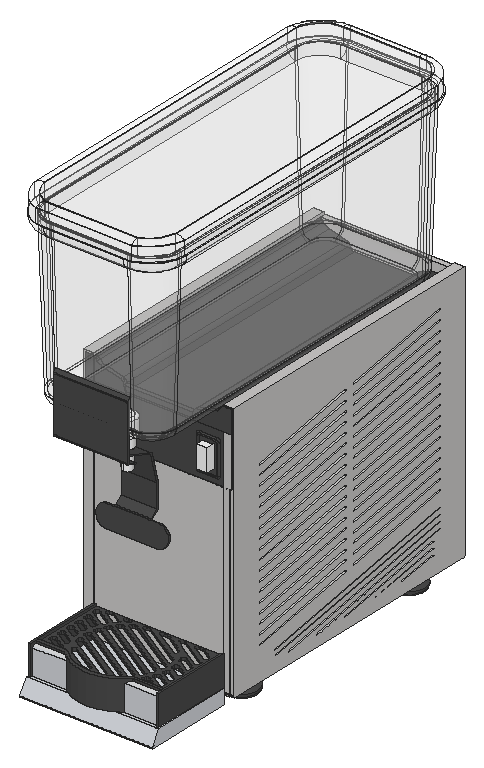
Revit family "QF_Vollrath-VBBD1-37", category Specialty Equipment, Revit 2018 (continued)
Forms (in)
  Extrusion 22, solid, material "QF_Finishes-Stainless"
    sketch origin (0, 0, 0) x (0, 1, 0) y (0, 0, -1)
      loop
        arc (9.22729, -8.98664) -> (9.26526, -8.98701) -> (9.30129, -8.97508) r 0.11572
        line (9.30129, -8.97508) -> (9.32185, -8.85849)
      loop
        line (3.58682, -7.84725) -> (-1.76463, -6.90364) -> (-1.78519, -7.02023)
        arc (-1.78519, -7.02023) -> (-1.75541, -7.04377) -> (-1.71961, -7.05641) r 0.11572
        line (-1.71961, -7.05641) -> (3.49226, -7.9754)
        arc (3.49226, -7.9754) -> (3.53022, -7.97577) -> (3.56626, -7.96384) r 0.11572
        line (3.56626, -7.96384) -> (3.58682, -7.84725)
      loop
        line (9.32185, -9.32192) -> (3.9704, -8.37831) -> (3.94984, -8.4949)
        arc (3.94984, -8.4949) -> (3.97963, -8.51844) -> (4.01542, -8.53107) r 0.11572
        line (4.01542, -8.53107) -> (9.22729, -9.45007)
        arc (9.22729, -9.45007) -> (9.26526, -9.45044) -> (9.30129, -9.4385) r 0.11572
        line (9.30129, -9.4385) -> (9.32185, -9.32192)
      loop
        line (3.58682, -8.31068) -> (-1.76463, -7.36707) -> (-1.78519, -7.48366)
        arc (-1.78519, -7.48366) -> (-1.75541, -7.5072) -> (-1.71961, -7.51983) r 0.11572
        line (-1.71961, -7.51983) -> (3.49226, -8.43883)
        arc (3.49226, -8.43883) -> (3.53022, -8.4392) -> (3.56626, -8.42726) r 0.11572
        line (3.56626, -8.42726) -> (3.58682, -8.31068)
      loop
        line (9.32185, -9.78534) -> (3.9704, -8.84174) -> (3.94984, -8.95832)
        arc (3.94984, -8.95832) -> (3.97963, -8.98186) -> (4.01542, -8.9945) r 0.11572
        line (4.01542, -8.9945) -> (9.22729, -9.91349)
        arc (9.22729, -9.91349) -> (9.26526, -9.91386) -> (9.30129, -9.90193) r 0.11572
        line (9.30129, -9.90193) -> (9.32185, -9.78534)
      loop
        line (3.58682, -8.7741) -> (-1.76463, -7.8305) -> (-1.78519, -7.94708)
        arc (-1.78519, -7.94708) -> (-1.75541, -7.97062) -> (-1.71961, -7.98326) r 0.11572
        line (-1.71961, -7.98326) -> (3.49226, -8.90225)
        arc (3.49226, -8.90225) -> (3.53022, -8.90262) -> (3.56626, -8.89069) r 0.11572
        line (3.56626, -8.89069) -> (3.58682, -8.7741)
      loop
        line (9.32185, -10.24877) -> (3.9704, -9.30516) -> (3.94984, -9.42175)
        arc (3.94984, -9.42175) -> (3.97963, -9.44529) -> (4.01542, -9.45792) r 0.11572
        line (4.01542, -9.45792) -> (9.22729, -10.37692)
        arc (9.22729, -10.37692) -> (9.26526, -10.37729) -> (9.30129, -10.36535) r 0.11572
        line (9.30129, -10.36535) -> (9.32185, -10.24877)
      loop
        line (3.58682, -9.23753) -> (-1.76463, -8.29392) -> (-1.78519, -8.41051)
        arc (-1.78519, -8.41051) -> (-1.75541, -8.43405) -> (-1.71961, -8.44668) r 0.11572
        line (-1.71961, -8.44668) -> (3.49226, -9.36568)
        arc (3.49226, -9.36568) -> (3.53022, -9.36605) -> (3.56626, -9.35411) r 0.11572
        line (3.56626, -9.35411) -> (3.58682, -9.23753)
      loop
        line (9.32185, -10.71219) -> (3.9704, -9.76859) -> (3.94984, -9.88517)
        arc (3.94984, -9.88517) -> (3.97963, -9.90871) -> (4.01542, -9.92135) r 0.11572
        line (4.01542, -9.92135) -> (9.22729, -10.84034)
        arc (9.22729, -10.84034) -> (9.26526, -10.84071) -> (9.30129, -10.82878) r 0.11572
        line (9.30129, -10.82878) -> (9.32185, -10.71219)
      loop
        line (3.58682, -9.70095) -> (-1.76463, -8.75735) -> (-1.78519, -8.87393)
        arc (-1.78519, -8.87393) -> (-1.75541, -8.89747) -> (-1.71961, -8.91011) r 0.11572
        line (-1.71961, -8.91011) -> (3.49226, -9.8291)
        arc (3.49226, -9.8291) -> (3.53022, -9.82947) -> (3.56626, -9.81754) r 0.11572
        line (3.56626, -9.81754) -> (3.58682, -9.70095)
      loop
        line (9.32185, -11.17562) -> (3.9704, -10.23201) -> (3.94984, -10.3486)
        arc (3.94984, -10.3486) -> (3.97963, -10.37214) -> (4.01542, -10.38477) r 0.11572
        line (4.01542, -10.38477) -> (9.22729, -11.30377)
        arc (9.22729, -11.30377) -> (9.26526, -11.30414) -> (9.30129, -11.2922) r 0.11572
        line (9.30129, -11.2922) -> (9.32185, -11.17562)
      loop
        line (3.58682, -10.16438) -> (-1.76463, -9.22077) -> (-1.78519, -9.33736)
        arc (-1.78519, -9.33736) -> (-1.75541, -9.3609) -> (-1.71961, -9.37353) r 0.11572
        line (-1.71961, -9.37353) -> (3.49226, -10.29253)
        arc (3.49226, -10.29253) -> (3.53022, -10.2929) -> (3.56626, -10.28096) r 0.11572
        line (3.56626, -10.28096) -> (3.58682, -10.16438)
      loop
        line (9.32185, -11.63904) -> (3.9704, -10.69544) -> (3.94984, -10.81202)
        arc (3.94984, -10.81202) -> (3.97963, -10.83556) -> (4.01542, -10.8482) r 0.11572
        line (4.01542, -10.8482) -> (9.22729, -11.76719)
        arc (9.22729, -11.76719) -> (9.26526, -11.76756) -> (9.30129, -11.75563) r 0.11572
        line (9.30129, -11.75563) -> (9.32185, -11.63904)
      loop
        line (3.58682, -10.6278) -> (-1.76463, -9.6842) -> (-1.78519, -9.80078)
        arc (-1.78519, -9.80078) -> (-1.75541, -9.82432) -> (-1.71961, -9.83696) r 0.11572
        line (-1.71961, -9.83696) -> (3.49226, -10.75595)
        arc (3.49226, -10.75595) -> (3.53022, -10.75632) -> (3.56626, -10.74439) r 0.11572
        line (3.56626, -10.74439) -> (3.58682, -10.6278)
      loop
        line (9.32185, -12.10307) -> (3.9704, -11.15947) -> (3.94984, -11.27605)
        arc (3.94984, -11.27605) -> (3.97963, -11.29959) -> (4.01542, -11.31223) r 0.11572
        line (4.01542, -11.31223) -> (9.22729, -12.23122)
        arc (9.22729, -12.23122) -> (9.26526, -12.23159) -> (9.30129, -12.21966) r 0.11572
        line (9.30129, -12.21966) -> (9.32185, -12.10307)
      loop
        line (3.58682, -11.09183) -> (-1.76463, -10.14822) -> (-1.78519, -10.26481)
        arc (-1.78519, -10.26481) -> (-1.75541, -10.28835) -> (-1.71961, -10.30099) r 0.11572
        line (-1.71961, -10.30099) -> (3.49226, -11.21998)
        arc (3.49226, -11.21998) -> (3.53022, -11.22035) -> (3.56626, -11.20842) r 0.11572
        line (3.56626, -11.20842) -> (3.58682, -11.09183)
    from -3.6675 to -3.17717
  Extrusion 23, solid
    sketch origin (0, 0, 0) x (0, 1, 0) y (0, 0, 1)
      loop
        line (-3.39961, 1.03543) -> (-7.3563, 1.03543) -> (-7.75, 0.3937) -> (-7.75, 0.35433) -> (-3.39961, 0.35433) -> (-3.39961, 1.03543)
    from -3.17717 to 3.27868
  Extrusion 24, solid
    sketch origin (0, 0, 0) x (0, 1, 0) y (0, 0, 1)
      loop
        arc (-6.9626, 2.40157) -> (-7.08882, 2.37471) -> (-7.18008, 2.28346) r 0.22732
        line (-7.18008, 2.28346) -> (-7.18008, 1.03543) -> (-6.9626, 1.03543) -> (-6.9626, 2.40157)
    from -3.05071 to -1.36292
  Extrusion 25, solid, material "QF_Finishes-Black Plastic"
    sketch origin (0, 0, 0) x (1, 0, 0) y (0, 1, 0)
      loop
        line (-3.05071, -6.8248) -> (-1.68325, -6.8248)
        arc (-1.68325, -6.8248) -> (-1.60014, -6.84139) -> (-1.52977, -6.88862) r 0.21647
        arc (-1.52977, -6.88862) -> (0.02, -7.53304) -> (1.56978, -6.88862) r 2.18576
        arc (1.56978, -6.88862) -> (1.64015, -6.84139) -> (1.72326, -6.8248) r 0.21647
        line (1.72326, -6.8248) -> (3.09102, -6.8248) -> (3.09102, -3.19488) -> (-3.05071, -3.19488) -> (-3.05071, -6.8248)
      loop
        line (1.99999, -5.31469) -> (-0.85274, -3.56972)
        arc (-0.85274, -3.56972) -> (-0.90143, -3.55568) -> (-0.95047, -3.56848) r 0.09564
        line (-0.95047, -3.56848) -> (-1.05079, -3.62641)
        arc (-1.05079, -3.62641) -> (-1.09797, -3.71056) -> (-1.05079, -3.79471) r 0.09865
        line (-1.05079, -3.79471) -> (1.89113, -5.59424)
        arc (1.89113, -5.59424) -> (1.98696, -5.59808) -> (2.04057, -5.51856) r 0.09843
        line (2.04057, -5.51856) -> (2.04706, -5.40253)
        arc (2.04706, -5.40253) -> (2.03544, -5.35223) -> (1.99999, -5.31469) r 0.09857
      loop
        line (1.92869, -5.80182) -> (-1.25519, -3.85429)
        arc (-1.25519, -3.85429) -> (-1.31546, -3.84407) -> (-1.37003, -3.87162) r 0.09782
        line (-1.37003, -3.87162) -> (-1.44371, -3.9453)
        arc (-1.44371, -3.9453) -> (-1.47148, -4.02385) -> (-1.42783, -4.09482) r 0.09665
        line (-1.42783, -4.09482) -> (1.79158, -6.06408)
        arc (1.79158, -6.06408) -> (1.8762, -6.07294) -> (1.93593, -6.01235) r 0.09812
        line (1.93593, -6.01235) -> (1.96819, -5.91075)
        arc (1.96819, -5.91075) -> (1.96695, -5.84957) -> (1.92869, -5.80182) r 0.09507
      loop
        line (1.74837, -6.22226) -> (-1.54753, -4.20621)
        arc (-1.54753, -4.20621) -> (-1.61887, -4.19636) -> (-1.67693, -4.23897) r 0.09584
        line (-1.67693, -4.23897) -> (-1.73108, -4.32679)
        arc (-1.73108, -4.32679) -> (-1.743, -4.39877) -> (-1.70104, -4.45845) r 0.09631
        line (-1.70104, -4.45845) -> (1.59739, -6.47604)
        arc (1.59739, -6.47604) -> (1.66914, -6.48577) -> (1.72723, -6.44255) r 0.09587
        line (1.72723, -6.44255) -> (1.78078, -6.35401)
        arc (1.78078, -6.35401) -> (1.79129, -6.28157) -> (1.74837, -6.22226) r 0.09741
      loop
        line (1.48132, -6.58966) -> (-1.74811, -4.61427)
        arc (-1.74811, -4.61427) -> (-1.83177, -4.60731) -> (-1.88979, -4.66798) r 0.09744
        line (-1.88979, -4.66798) -> (-1.92257, -4.76761)
        arc (-1.92257, -4.76761) -> (-1.92194, -4.82904) -> (-1.88395, -4.87732) r 0.0953
        line (-1.88395, -4.87732) -> (1.30511, -6.82801)
        arc (1.30511, -6.82801) -> (1.36581, -6.8405) -> (1.42146, -6.81321) r 0.09579
        line (1.42146, -6.81321) -> (1.49519, -6.73948)
        arc (1.49519, -6.73948) -> (1.52341, -6.66132) -> (1.48132, -6.58966) r 0.09779
      loop
        line (1.10757, -6.89177) -> (-1.84914, -5.0832)
        arc (-1.84914, -5.0832) -> (-1.94458, -5.07917) -> (-1.99846, -5.15805) r 0.0984
        line (-1.99846, -5.15805) -> (-2.00593, -5.27264)
        arc (-2.00593, -5.27264) -> (-1.99506, -5.32396) -> (-1.95906, -5.3621) r 0.09696
        line (-1.95906, -5.3621) -> (0.91264, -7.11867)
        arc (0.91264, -7.11867) -> (0.96072, -7.13194) -> (1.0088, -7.11867) r 0.09375
        line (1.0088, -7.11867) -> (1.10757, -7.05966)
        arc (1.10757, -7.05966) -> (1.15463, -6.97572) -> (1.10757, -6.89177) r 0.0984
      loop
        line (0.60863, -7.11732) -> (-1.82264, -5.63015)
        arc (-1.82264, -5.63015) -> (-1.92999, -5.63329) -> (-1.97033, -5.73281) r 0.09825
        line (-1.97033, -5.73281) -> (-1.93774, -5.87396)
        arc (-1.93774, -5.87396) -> (-1.92175, -5.90738) -> (-1.89442, -5.93238) r 0.09714
        line (-1.89442, -5.93238) -> (0.37225, -7.31886)
        arc (0.37225, -7.31886) -> (0.40695, -7.33252) -> (0.44421, -7.33107) r 0.09073
        line (0.44421, -7.33107) -> (0.58467, -7.29582)
        arc (0.58467, -7.29582) -> (0.65482, -7.21438) -> (0.60863, -7.11732) r 0.09843
      loop
        line (-0.15644, -7.18008) -> (-1.53008, -6.33984)
        arc (-1.53008, -6.33984) -> (-1.65245, -6.35562) -> (-1.66332, -6.47852) r 0.09845
        line (-1.66332, -6.47852) -> (-1.474, -6.72028) -> (-0.52036, -7.30361) -> (-0.21942, -7.36177)
        arc (-0.21942, -7.36177) -> (-0.1148, -7.29628) -> (-0.15644, -7.18008) r 0.09842
      loop
        line (1.92796, -4.73989) -> (-0.30697, -3.37282)
        arc (-0.30697, -3.37282) -> (-0.34079, -3.3598) -> (-0.37704, -3.35963) r 0.10043
        line (-0.37704, -3.35963) -> (-0.52004, -3.39377)
        arc (-0.52004, -3.39377) -> (-0.59167, -3.47506) -> (-0.54547, -3.57306) r 0.09865
        line (-0.54547, -3.57306) -> (1.85831, -5.04342)
        arc (1.85831, -5.04342) -> (1.96624, -5.03999) -> (2.00606, -4.93962) r 0.09842
        line (2.00606, -4.93962) -> (1.97137, -4.79716)
        arc (1.97137, -4.79716) -> (1.95507, -4.76442) -> (1.92796, -4.73989) r 0.09857
      loop
        line (1.46531, -3.92615) -> (0.62845, -3.41426)
        arc (0.62845, -3.41426) -> (0.46776, -3.37153) -> (0.30428, -3.34114) r 2.18615
        arc (0.30428, -3.34114) -> (0.19761, -3.4051) -> (0.23921, -3.5223) r 0.09818
        line (0.23921, -3.5223) -> (1.54679, -4.32213)
        arc (1.54679, -4.32213) -> (1.66978, -4.30502) -> (1.67799, -4.18113) r 0.09835
        arc (1.67799, -4.18113) -> (1.57664, -4.04948) -> (1.46531, -3.92615) r 2.12561
      loop
        line (2.83911, -4.23574) -> (1.36588, -3.33459)
        arc (1.36588, -3.33459) -> (1.34175, -3.32427) -> (1.31572, -3.32087) r 0.09593
        arc (1.31572, -3.32087) -> (1.27881, -3.321) -> (1.2419, -3.32087) r 5.03614
        arc (1.2419, -3.32087) -> (1.14687, -3.39171) -> (1.18925, -3.5024) r 0.0982
        arc (1.18925, -3.5024) -> (1.38493, -3.6409) -> (1.56306, -3.80134) r 2.04444
        line (1.56306, -3.80134) -> (2.73642, -4.51906)
        arc (2.73642, -4.51906) -> (2.8353, -4.51983) -> (2.88433, -4.43395) r 0.09782
        arc (2.88433, -4.43395) -> (2.88401, -4.37627) -> (2.88433, -4.31858) r 5.14481
        arc (2.88433, -4.31858) -> (2.87254, -4.27125) -> (2.83911, -4.23574) r 0.0965
      loop
        line (2.83639, -3.70334) -> (2.23231, -3.33383)
        arc (2.23231, -3.33383) -> (2.21027, -3.32439) -> (2.18655, -3.32087) r 0.09339
        line (2.18655, -3.32087) -> (1.99477, -3.32087)
        arc (1.99477, -3.32087) -> (1.89988, -3.39257) -> (1.94341, -3.50325) r 0.09837
        line (1.94341, -3.50325) -> (2.73528, -3.98763)
        arc (2.73528, -3.98763) -> (2.83413, -3.98931) -> (2.88433, -3.90415) r 0.09818
        arc (2.88433, -3.90415) -> (2.88448, -3.84599) -> (2.88433, -3.78784) r 11.3571
        arc (2.88433, -3.78784) -> (2.87139, -3.73933) -> (2.83639, -3.70334) r 0.09933
      loop
        arc (-2.69423, -5.62775) -> (-2.79372, -5.62586) -> (-2.84402, -5.71171) r 0.09843
        line (-2.84402, -5.71171) -> (-2.84402, -5.82709)
        arc (-2.84402, -5.82709) -> (-2.83145, -5.87522) -> (-2.79695, -5.91106) r 0.09843
        line (-2.79695, -5.91106) -> (-2.13741, -6.31449)
        arc (-2.13741, -6.31449) -> (-2.02317, -6.30683) -> (-1.99384, -6.19615) r 0.09819
        line (-1.99384, -6.19615) -> (-2.04986, -6.04886)
        arc (-2.04986, -6.04886) -> (-2.066, -6.01898) -> (-2.09144, -5.99647) r 0.09728
        line (-2.09144, -5.99647) -> (-2.69423, -5.62775)
      loop
        arc (-2.69423, -5.09701) -> (-2.79372, -5.09512) -> (-2.84402, -5.18097) r 0.09843
        line (-2.84402, -5.18097) -> (-2.84402, -5.29635)
        arc (-2.84402, -5.29635) -> (-2.83145, -5.34448) -> (-2.79695, -5.38032) r 0.09843
        line (-2.79695, -5.38032) -> (-2.30078, -5.68381)
        arc (-2.30078, -5.68381) -> (-2.19664, -5.68292) -> (-2.1516, -5.58901) r 0.09843
        line (-2.1516, -5.58901) -> (-2.16128, -5.47226)
        arc (-2.16128, -5.47226) -> (-2.17523, -5.42752) -> (-2.20826, -5.39428) r 0.09865
        line (-2.20826, -5.39428) -> (-2.69423, -5.09701)
      loop
        arc (-2.69423, -4.56627) -> (-2.79372, -4.56438) -> (-2.84402, -4.65023) r 0.09843
        line (-2.84402, -4.65023) -> (-2.84402, -4.76561)
        arc (-2.84402, -4.76561) -> (-2.83145, -4.81374) -> (-2.79695, -4.84958) r 0.09843
        line (-2.79695, -4.84958) -> (-2.29775, -5.15493)
        arc (-2.29775, -5.15493) -> (-2.20358, -5.15958) -> (-2.14873, -5.0829) r 0.09839
        line (-2.14873, -5.0829) -> (-2.13391, -4.98165)
        arc (-2.13391, -4.98165) -> (-2.14196, -4.92467) -> (-2.17954, -4.8811) r 0.10209
        line (-2.17954, -4.8811) -> (-2.69423, -4.56627)
      loop
        arc (-2.69423, -4.03555) -> (-2.79372, -4.03365) -> (-2.84402, -4.11951) r 0.09843
        line (-2.84402, -4.11951) -> (-2.84402, -4.23489)
        arc (-2.84402, -4.23489) -> (-2.83145, -4.28301) -> (-2.79695, -4.31885) r 0.09843
        line (-2.79695, -4.31885) -> (-2.19054, -4.68978)
        arc (-2.19054, -4.68978) -> (-2.10586, -4.69843) -> (-2.0461, -4.63781) r 0.09843
        line (-2.0461, -4.63781) -> (-2.01311, -4.5476)
        arc (-2.01311, -4.5476) -> (-2.01108, -4.48046) -> (-2.05286, -4.42787) r 0.09777
        line (-2.05286, -4.42787) -> (-2.69423, -4.03555)
      loop
        arc (-2.69423, -3.50479) -> (-2.79372, -3.5029) -> (-2.84402, -3.58875) r 0.09843
        line (-2.84402, -3.58875) -> (-2.84402, -3.70413)
        arc (-2.84402, -3.70413) -> (-2.83145, -3.75226) -> (-2.79695, -3.78809) r 0.09843
        line (-2.79695, -3.78809) -> (-2.00078, -4.2751)
        arc (-2.00078, -4.2751) -> (-1.92526, -4.28682) -> (-1.86377, -4.24142) r 0.09931
        line (-1.86377, -4.24142) -> (-1.8143, -4.16136)
        arc (-1.8143, -4.16136) -> (-1.80095, -4.08604) -> (-1.84557, -4.0239) r 0.09843
        line (-1.84557, -4.0239) -> (-2.69423, -3.50479)
      loop
        arc (-2.69423, -6.15849) -> (-2.79372, -6.1566) -> (-2.84402, -6.24246) r 0.09843
        line (-2.84402, -6.24246) -> (-2.84402, -6.35783)
        arc (-2.84402, -6.35783) -> (-2.83145, -6.40596) -> (-2.79695, -6.4418) r 0.09843
        line (-2.79695, -6.4418) -> (-2.18491, -6.81617) -> (-1.91188, -6.81617)
        arc (-1.91188, -6.81617) -> (-1.85587, -6.7319) -> (-1.9031, -6.64241) r 0.09904
        line (-1.9031, -6.64241) -> (-2.69423, -6.15849)
      loop
        line (-2.39494, -3.50325) -> (-1.73202, -3.90876)
        arc (-1.73202, -3.90876) -> (-1.66637, -3.92218) -> (-1.60735, -3.89047) r 0.09841
        line (-1.60735, -3.89047) -> (-1.54093, -3.82001)
        arc (-1.54093, -3.82001) -> (-1.51481, -3.73924) -> (-1.5609, -3.66795) r 0.09896
        line (-1.5609, -3.66795) -> (-2.18752, -3.28465)
        arc (-2.18752, -3.28465) -> (-2.235, -3.26983) -> (-2.28367, -3.28012) r 0.09843
        line (-2.28367, -3.28012) -> (-2.38686, -3.33173)
        arc (-2.38686, -3.33173) -> (-2.44114, -3.41512) -> (-2.39494, -3.50325) r 0.09843
      loop
        arc (-1.47591, -3.32087) -> (-1.57065, -3.39261) -> (-1.52727, -3.50325) r 0.09843
        line (-1.52727, -3.50325) -> (-1.3826, -3.59175)
        arc (-1.3826, -3.59175) -> (-1.32707, -3.60613) -> (-1.27295, -3.58713) r 0.09847
        line (-1.27295, -3.58713) -> (-1.18803, -3.52827)
        arc (-1.18803, -3.52827) -> (-1.14526, -3.44427) -> (-1.19182, -3.36231) r 0.09944
        line (-1.19182, -3.36231) -> (-1.23593, -3.33533)
        arc (-1.23593, -3.33533) -> (-1.26061, -3.32455) -> (-1.28729, -3.32087) r 0.09843
        line (-1.28729, -3.32087) -> (-1.47591, -3.32087)
      loop
        arc (2.16593, -4.35471) -> (2.05008, -4.36433) -> (2.02423, -4.47767) r 0.09841
        line (2.02423, -4.47767) -> (2.08147, -4.62318)
        arc (2.08147, -4.62318) -> (2.09769, -4.65241) -> (2.12281, -4.67447) r 0.09781
        line (2.12281, -4.67447) -> (2.73454, -5.04866)
        arc (2.73454, -5.04866) -> (2.83403, -5.05055) -> (2.88433, -4.9647) r 0.09843
        line (2.88433, -4.9647) -> (2.88433, -4.84932)
        arc (2.88433, -4.84932) -> (2.87176, -4.80119) -> (2.83726, -4.76535) r 0.09843
        line (2.83726, -4.76535) -> (2.16593, -4.35471)
      loop
        arc (2.33855, -4.99104) -> (2.23397, -4.99219) -> (2.18943, -5.08682) r 0.09845
        line (2.18943, -5.08682) -> (2.20051, -5.20384)
        arc (2.20051, -5.20384) -> (2.21442, -5.2483) -> (2.24726, -5.28133) r 0.09819
        line (2.24726, -5.28133) -> (2.73454, -5.5794)
        arc (2.73454, -5.5794) -> (2.83403, -5.58129) -> (2.88433, -5.49544) r 0.09843
        line (2.88433, -5.49544) -> (2.88433, -5.38006)
        arc (2.88433, -5.38006) -> (2.87176, -5.33193) -> (2.83726, -5.29609) r 0.09843
        line (2.83726, -5.29609) -> (2.33855, -4.99104)
      loop
        arc (2.34021, -5.5228) -> (2.24688, -5.51781) -> (2.19158, -5.59315) r 0.09828
        line (2.19158, -5.59315) -> (2.17713, -5.69751)
        arc (2.17713, -5.69751) -> (2.18485, -5.75432) -> (2.22293, -5.79719) r 0.09843
        line (2.22293, -5.79719) -> (2.73454, -6.11014)
        arc (2.73454, -6.11014) -> (2.83403, -6.11203) -> (2.88433, -6.02618) r 0.09843
        line (2.88433, -6.02618) -> (2.88433, -5.9108)
        arc (2.88433, -5.9108) -> (2.87176, -5.86267) -> (2.83726, -5.82683) r 0.09843
        line (2.83726, -5.82683) -> (2.34021, -5.5228)
      loop
        arc (2.2366, -5.99016) -> (2.15157, -5.98163) -> (2.09192, -6.04283) r 0.09842
        line (2.09192, -6.04283) -> (2.05934, -6.13333)
        arc (2.05934, -6.13333) -> (2.05873, -6.20007) -> (2.09985, -6.25265) r 0.1011
        line (2.09985, -6.25265) -> (2.73454, -6.64088)
        arc (2.73454, -6.64088) -> (2.83403, -6.64277) -> (2.88433, -6.55692) r 0.09843
        line (2.88433, -6.55692) -> (2.88433, -6.44154)
        arc (2.88433, -6.44154) -> (2.87176, -6.39341) -> (2.83726, -6.35758) r 0.09843
        line (2.83726, -6.35758) -> (2.2366, -5.99016)
      loop
        arc (2.04906, -6.40618) -> (1.97544, -6.39427) -> (1.91458, -6.43738) r 0.09845
        line (1.91458, -6.43738) -> (1.86362, -6.52146)
        arc (1.86362, -6.52146) -> (1.85022, -6.5966) -> (1.89492, -6.65847) r 0.09775
        line (1.89492, -6.65847) -> (2.15566, -6.81617) -> (2.42228, -6.81617)
        arc (2.42228, -6.81617) -> (2.48182, -6.73326) -> (2.43526, -6.64241) r 0.09794
        line (2.43526, -6.64241) -> (2.04906, -6.40618)
    from 2.28346 to 2.40157
  Sweep 26, solid, material "QF_Finishes-Black Plastic"
    path origin (0, 0, 0) x (1, 0, 0) y (0, 0, 1)
      loop
        arc (-2.90354, 10.17079) -> (-2.88625, 10.12903) -> (-2.84449, 10.11173) r 0.05906
        line (-2.84449, 10.11173) -> (-1.99803, 10.11173)
        arc (-1.99803, 10.11173) -> (-1.95627, 10.12903) -> (-1.93898, 10.17079) r 0.05906
        line (-1.93898, 10.17079) -> (-1.93898, 11.63929)
        arc (-1.93898, 11.63929) -> (-1.95627, 11.68105) -> (-1.99803, 11.69835) r 0.05906
        line (-1.99803, 11.69835) -> (-2.84449, 11.69835)
        arc (-2.84449, 11.69835) -> (-2.88625, 11.68105) -> (-2.90354, 11.63929) r 0.05906
        line (-2.90354, 11.63929) -> (-2.90354, 10.17079)
    profile origin (-2.90354, 0, 10.90504) x (-1, 0, 0) y (0, -1, 0)
      loop
        arc (0.09489, 3.27803) -> (0.04169, 3.30166) -> (0.01972, 3.35557) r 0.0779
        arc (0.01972, 3.35557) -> (0.01127, 3.3726) -> (-0.00738, 3.37633) r 0.02157
        line (-0.00738, 3.37633) -> (-0.00738, 3.27803) -> (0.09489, 3.27803)
  Sweep 27, solid, material "QF_Finishes-Black Plastic"
    path origin (0, 0, 0) x (-1, 0, 0) y (0, 0, 1)
      loop
        arc (-2.90354, 10.17079) -> (-2.88625, 10.12903) -> (-2.84449, 10.11173) r 0.05906
        line (-2.84449, 10.11173) -> (-1.99803, 10.11173)
        arc (-1.99803, 10.11173) -> (-1.95627, 10.12903) -> (-1.93898, 10.17079) r 0.05906
        line (-1.93898, 10.17079) -> (-1.93898, 11.63929)
        arc (-1.93898, 11.63929) -> (-1.95627, 11.68105) -> (-1.99803, 11.69835) r 0.05906
        line (-1.99803, 11.69835) -> (-2.84449, 11.69835)
        arc (-2.84449, 11.69835) -> (-2.88625, 11.68105) -> (-2.90354, 11.63929) r 0.05906
        line (-2.90354, 11.63929) -> (-2.90354, 10.17079)
    profile origin (2.90354, 0, 10.90504) x (-1, 0, 0) y (0, -1, 0)
      loop
        line (-0.09489, 3.27803) -> (0.00738, 3.27803) -> (0.00738, 3.37633)
        arc (0.00738, 3.37633) -> (-0.01127, 3.3726) -> (-0.01972, 3.35557) r 0.02157
        arc (-0.01972, 3.35557) -> (-0.04169, 3.30166) -> (-0.09489, 3.27803) r 0.0779
  Extrusion 28, solid, material "QF_Finishes-White Rubber"
    sketch origin (0, 0, 0) x (1, 0, 0) y (0, 0, 1)
      loop
        line (-2.66535, 10.3637) -> (-2.17717, 10.3637) -> (-2.17717, 11.44638) -> (-2.66535, 11.44638) -> (-2.66535, 10.3637)
    from 3.27362 to 3.65598
  Extrusion 29, solid, material "QF_Finishes-White Rubber"
    sketch origin (0, 0, 0) x (-1, 0, 0) y (0, 0, -1)
      loop
        line (-2.66535, -10.3637) -> (-2.66535, -11.44638) -> (-2.17717, -11.44638) -> (-2.17717, -10.3637) -> (-2.66535, -10.3637)
    from 3.27362 to 3.65598
  Extrusion 30, solid
    sketch origin (0, 0, 0) x (0, 1, 0) y (0, 0, -1)
      loop
        line (-6.9626, -2.40157) -> (-6.9626, -1.03543) -> (-7.18008, -1.03543) -> (-7.18008, -2.28346)
        arc (-7.18008, -2.28346) -> (-7.08882, -2.37471) -> (-6.9626, -2.40157) r 0.22732
    from -3.09102 to -1.40314
  Extrusion 31, solid, material "QF_Finishes-Clear Plastic"
    sketch origin (0, 0, 0) x (1, 0, 0) y (0, 1, 0)
      loop
        line (-2.51928, 9.1346) -> (-2.51928, -6.00035)
        arc (-2.51928, -6.00035) -> (-2.32251, -6.47538) -> (-1.84748, -6.67215) r 0.6718
        line (-1.84748, -6.67215) -> (1.84782, -6.67215)
        arc (1.84782, -6.67215) -> (2.32464, -6.47464) -> (2.52215, -5.99781) r 0.67433
        line (2.52215, -5.99781) -> (2.52215, 9.13206)
        arc (2.52215, 9.13206) -> (2.32464, 9.60889) -> (1.84782, 9.8064) r 0.67433
        line (1.84782, 9.8064) -> (-1.84748, 9.8064)
        arc (-1.84748, 9.8064) -> (-2.32251, 9.60963) -> (-2.51928, 9.1346) r 0.6718
    from 12.90709 to 13.05386
Lines and regions (in)
  symbolic lines, style "Clearance - Code Mandatory"
    curve 1: line (-9.675, 16.875, 0) -> (-9.675, -7.75, 0)
    curve 2: line (9.64375, 16.875, 0) -> (-9.675, 16.875, 0)
    curve 3: line (9.64375, -7.75, 0) -> (9.64375, 16.875, 0)
    curve 4: line (-9.675, -7.75, 0) -> (-3.6675, -7.75, 0)
    curve 5: line (3.645, -7.75, 0) -> (9.64375, -7.75, 0)
    curve 6: line (3.645, 10.7576, 0) -> (3.645, -7.75, 0)
    curve 7: line (-3.6675, 10.7576, 0) -> (3.645, 10.7576, 0)
    curve 15: line (-3.6675, -7.75, 0) -> (-3.6675, 10.7576, 0)
  symbolic lines
    curve 8: line (2.34777, -7.83246, 0) -> (-2.34777, -7.83246, 0)
    curve 9: line (-3.64613, 9.15453, 0) -> (-3.64613, -6.25655, 0)
    curve 10: arc (-2.34777, -7.83246, 0) -> (-3.20596, -7.2167, 0) -> (-3.64613, -6.25655, 0) r 2.05985
    curve 11: line (2.34777, -7.83246, 0) -> (-2.34777, -7.83246, 0)
    curve 12: line (3.645, 9.16153, 0) -> (3.645, -6.26307, 0)
    curve 13: arc (2.34777, -7.83246, 0) -> (3.20386, -7.21925, 0) -> (3.645, -6.26307, 0) r 2.05985
    curve 14: line (-2.34777, -7.83246, 0) -> (2.34777, -7.83246, 0)
    curve 16: line (1.85697, 10.73698, 0) -> (-1.85697, 10.73698, 0)
    curve 17: arc (-3.64613, 9.15453, 0) -> (-3.03503, 10.26626, 0) -> (-1.85697, 10.73698, 0) r 1.88065
    curve 18: arc (3.645, 9.16153, 0) -> (3.03237, 10.26861, 0) -> (1.85697, 10.73698, 0) r 1.88065
  reference lines
    curve 19: line (1.395, 4.75781, 0) -> (7.145, 4.75781, 0)
    curve 20: line (-2.645, -9.32132, 0) -> (-2.645, 11.67868, 0)
Dimensions and locks (in)
  plane 5 "Left" to plane 4 "Right" = 7 5/16"
  plane 7 "Front" to plane 6 "Rear" = 18.5076"
  plane 8 "Top" to plane 2 = 22.1"
  aligned and locked: plane 2 to level
  aligned and locked: plane 5 "Left" to Extrusion 3
  aligned and locked: plane 9 "Base Cabinet Front" to Extrusion 5
  aligned and locked: Extrusion 6 sketch curve to plane 5 "Left"
  aligned and locked: plane 6 "Rear" to Extrusion 6
  aligned and locked: plane 9 "Base Cabinet Front" to Extrusion 17
  aligned and locked: Extrusion 14 to Extrusion 12
  aligned and locked: plane 6 "Rear" to Extrusion 17
  aligned and locked: curve 3 to Extrusion 20
  aligned and locked: plane 15 "Clearance Rear" to Extrusion 20
  aligned and locked: plane 15 "Clearance Rear" to curve 2
  aligned and locked: plane 13 "Clearance Left" to Extrusion 20
  aligned and locked: plane 13 "Clearance Left" to curve 1
  aligned and locked: plane 14 "Clearance Right" to Extrusion 20
  aligned and locked: plane 6 "Rear" to Extrusion 3
  aligned and locked: Extrusion 20 to plane 6 "Rear"
  aligned and locked: Extrusion 18 to plane 4 "Right"
  aligned and locked: Extrusion 19 to plane 5 "Left"
  aligned and locked: plane 8 "Top" to Extrusion 19
  aligned and locked: plane 8 "Top" to Extrusion 20
  aligned and locked: plane 8 "Top" to Extrusion 18
  aligned and locked: Extrusion 28 to plane 9 "Base Cabinet Front"
  aligned and locked: Extrusion 2 to Sweep 1
  aligned and locked: plane 6 "Rear" to Extrusion 19
  aligned and locked: Extrusion 20 to Extrusion 19
  aligned and locked: plane 6 "Rear" to Extrusion 18
  aligned and locked: plane 14 "Clearance Right" to Extrusion 18
Connectors (in)
  electrical at (-2.645, 4.75781, 0.37402), driven by "Volts"
    settings: index 1, voltage 115 V, apparent load 0 VA, apparent load phase1 0 VA, apparent load phase2 0 VA, apparent load phase3 0 VA, power factor 1, load classification "Other", number of poles 1, system type 31, power factor state 1, is connector primary yes, connector utility no, sub classification motor no, connector description ""
Types (3): name | Model
  (no name) | "VBBD1-37-F"
  VBBD1-37-S | "VBBD1-37-S"
  VBBD1-37-F | "VBBD1-37-F"
